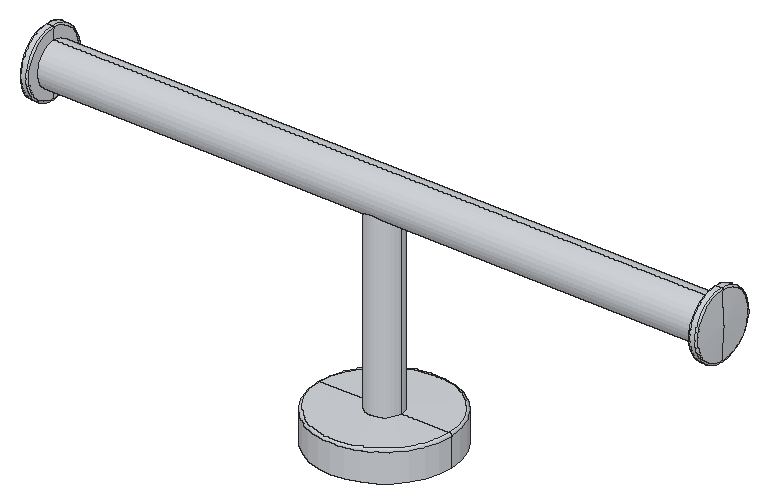
Revit family "Accessory-Tissue_Holder-KOHLER-Elate-K-27289", category Specialty Equipment, host Face, Revit 2015
Parameters (values of type "CP-Polished Chrome")
  Width = 3 13/16"  # constant formula
  WaterSense Certified = 1 = 0  # no
  URL = "https://www.us.kohler.com/us/"
  Type = 1
  Product Page URL = "http://www.us.kohler.com/us/catalog/productDetails.jsp?productNumber=27289"
  Product Name = "Elate"  # constant formula
  Product Documentation Link = "https://www.us.kohler.com/webassets/kpna/catalog/pdf/en/K-27289_spec.pdf"
  Model = if(Type = 1, "K-27289-CP", if(Type = 2, "K-27289-BN", "NA"))  # "K-27289-CP"
  Material = "Premium Metal Construction"  # constant formula
  MasterFormat 2004 = "10.28.13"  # constant formula
  MasterFormat 1995 = "10820"  # constant formula
  Manufacturer Address = "444 Highland Dr, Kohler, WI 53044"  # constant formula
  Manufacturer = "KOHLER Co."  # constant formula
  Length = 10 1/8"  # constant formula
  Height = 2"  # constant formula
  Finish = Kohler-Metal-CP-Polished_Chrome
  Environmental Product Declaration = ""
  Description = "Double toilet tissue holder\r"  # constant formula
  Default Elevation = 42"
  Declare Label = ""
  Date Modified = "02/18/2019"  # constant formula
  Date Created = "02/18/2019"  # constant formula
  Copyright = "Copyright KOHLER Co."  # constant formula
  Contact Us = "https://www.us.kohler.com/us/static/contact.jsp"
  Assembly Code = "C1030200"
  ADA Compliant = 1 = 0  # no
Types (3): name | Type | Model | Finish
  (no name) | 1 | "K-27289-CP" | Kohler-Metal-CP-Polished_Chrome
  CP-Polished Chrome | 1 | "K-27289-CP" | Kohler-Metal-CP-Polished_Chrome
  BN-Vibrant Brushed Nickel | 2 | "K-27289-BN" | Kohler-Metal-BN-Vibrant_Brushed_Nickel
Reference planes (in)
  plane 1 "Center (Front/Back)": y = 0
  plane 2: z = 0
  plane 3 "Center (Left/Right)": x = 0
  plane 4: y = 1
  plane 5: x = -1
  plane 6: x = 1
  plane 7: y = -1
  plane 8: x = -5.0625
  plane 9: x = 5.0625
  plane 10: y = 0.49213
  plane 11: y = -0.49213
  plane 12: z = 3.32037
  plane 13: z = 3.8125
Dimensions and locks (in)
  "Length": plane 8 to plane 9
  locked: plane 5 to plane 6 at 2
  "Width": plane 13 to plane 2
  "Height": plane 4 to plane 7
  aligned and locked: host face to plane 2
  aligned and locked: host face to level
Automatic sketch dimensions
  host sketch curve to host sketch curve = 96"  (x2)
Nested families (in)
  nested 1: "K-27289" at (0, 0, 0), type "K-27289"
Definition of nested family "K-27289"
  Parameters (values of type "K-27289")
    Material = none
  Reference planes (in)
    plane 1 "Center (Front/Back)": y = 0
    plane 2: z = 0
    plane 3 "Center (Left/Right)": x = 0
    plane 4: x = -1
    plane 5: x = 1
    plane 6: y = 1
    plane 7: y = -1
    plane 8: x = -5.0625
    plane 9: x = 5.0625
    plane 10: z = 3.8125
  Forms (in)
    Revolve 1, solid, material <- "Material", detail levels medium+fine
      sketch origin (0, 0, 0) x (1, 0, 0) y (0, 0, 1)
        loop
          line (0, 0) -> (1, 0) -> (1, 0.41661)
          arc (1, 0.41661) -> (0.98962, 0.44211) -> (0.96437, 0.45312) r 0.03653
          arc (0.96437, 0.45312) -> (0.61016, 0.46034) -> (0.25591, 0.46457) r 41.92607
          line (0.25591, 0.46457) -> (0.25591, 3.24048) -> (0, 3.24048) -> (0, 0)
        axis (0, 3.24048) -> (0, 0)
      angle from 0 to 360
    Revolve 2, solid, material <- "Material", detail levels medium+fine
      sketch origin (0, 0, 0) x (1, 0, 0) y (0, 0, 1)
        loop
          arc (5.0625, 3.32037) -> (5.05708, 3.55714) -> (5.04084, 3.79341) r 5.17706
          arc (5.04084, 3.79341) -> (5.03408, 3.80701) -> (5.01993, 3.8125) r 0.021
          line (5.01993, 3.8125) -> (4.94122, 3.8125)
          arc (4.94122, 3.8125) -> (4.92711, 3.80665) -> (4.92126, 3.79254) r 0.01996
          line (4.92126, 3.79254) -> (4.92126, 3.63533) -> (-4.92126, 3.63533) -> (-4.92126, 3.79254)
          arc (-4.92126, 3.79254) -> (-4.92711, 3.80665) -> (-4.94122, 3.8125) r 0.01996
          line (-4.94122, 3.8125) -> (-5.01993, 3.8125)
          arc (-5.01993, 3.8125) -> (-5.03408, 3.80701) -> (-5.04084, 3.79341) r 0.021
          arc (-5.04084, 3.79341) -> (-5.05708, 3.55714) -> (-5.0625, 3.32037) r 5.17706
          line (-5.0625, 3.32037) -> (5.0625, 3.32037)
        axis (-5.0625, 3.32037) -> (5.0625, 3.32037)
      angle from 0 to 360
    Revolve 3, solid, material <- "Material", detail levels coarse
      sketch origin (0, 0, 0) x (1, 0, 0) y (0, 0, 1)
        loop
          line (0, 0) -> (1, 0) -> (1, 0.66907) -> (0.3301, 0.66907) -> (0.3301, 3.32748) -> (0, 3.32748) -> (0, 0)
        axis (0, 3.32748) -> (0, 0)
      angle from 0 to 360
    Extrusion 4, solid, material <- "Material", detail levels coarse
      sketch origin (0, 0, 0) x (0, 1, 0) y (0, 0, 1)
        loop
          circle (0, 3.32748) r 0.48502
      from -5.0625 to 5.0625
  Cuts and joins
    joined: Revolve 1, Revolve 2
    joined: Revolve 3, Extrusion 4
  Lines and regions (in)
    Masking region 1
      outline origin (0, 0, 0) x (1, 0, 0) y (0, 0, 1)
        loop
          line (4.92126, 3.63533) -> (-4.92126, 3.63533) -> (-4.92126, 3.79254)
          arc (-4.92126, 3.79254) -> (-4.92711, 3.80665) -> (-4.94122, 3.8125) r 0.01996
          line (-4.94122, 3.8125) -> (-5.01993, 3.8125)
          arc (-5.01993, 3.8125) -> (-5.03408, 3.80701) -> (-5.04084, 3.79341) r 0.021
          arc (-5.04084, 3.79341) -> (-5.05708, 3.55714) -> (-5.0625, 3.32037) r 5.17706
          arc (-5.0625, 3.32037) -> (-5.05708, 3.0836) -> (-5.04084, 2.84732) r 5.17706
          arc (-5.04084, 2.84732) -> (-5.03408, 2.83372) -> (-5.01993, 2.82824) r 0.021
          line (-5.01993, 2.82824) -> (-4.94122, 2.82824)
          arc (-4.94122, 2.82824) -> (-4.92711, 2.83408) -> (-4.92126, 2.84819) r 0.01996
          line (-4.92126, 2.84819) -> (-4.92126, 3.00541) -> (-0.25591, 3.00541) -> (-0.25591, 0.46457)
          arc (-0.25591, 0.46457) -> (-0.61016, 0.46034) -> (-0.96437, 0.45312) r 41.92607
          arc (-0.96437, 0.45312) -> (-0.98962, 0.44211) -> (-1, 0.41661) r 0.03653
          line (-1, 0.41661) -> (-1, 0) -> (1, 0) -> (1, 0.41661)
          arc (1, 0.41661) -> (0.98962, 0.44211) -> (0.96437, 0.45312) r 0.03653
          arc (0.96437, 0.45312) -> (0.61016, 0.46034) -> (0.25591, 0.46457) r 41.92607
          line (0.25591, 0.46457) -> (0.25591, 3.00541) -> (4.92126, 3.00541) -> (4.92126, 2.84819)
          arc (4.92126, 2.84819) -> (4.92711, 2.83408) -> (4.94122, 2.82824) r 0.01996
          line (4.94122, 2.82824) -> (5.01993, 2.82824)
          arc (5.01993, 2.82824) -> (5.03408, 2.83372) -> (5.04084, 2.84732) r 0.021
          arc (5.04084, 2.84732) -> (5.05708, 3.0836) -> (5.0625, 3.32037) r 5.17706
          arc (5.0625, 3.32037) -> (5.05708, 3.55714) -> (5.04084, 3.79341) r 5.17706
          arc (5.04084, 3.79341) -> (5.03408, 3.80701) -> (5.01993, 3.8125) r 0.021
          line (5.01993, 3.8125) -> (4.94122, 3.8125)
          arc (4.94122, 3.8125) -> (4.92711, 3.80665) -> (4.92126, 3.79254) r 0.01996
          line (4.92126, 3.79254) -> (4.92126, 3.63533)
    Masking region 2
      outline origin (0, 0, 0) x (0, 1, 0) y (0, 0, 1)
        loop
          line (1, 0) -> (1, 0.41661)
          arc (1, 0.41661) -> (0.98962, 0.44211) -> (0.96437, 0.45312) r 0.03653
          arc (0.96437, 0.45312) -> (0.61016, 0.46034) -> (0.25591, 0.46457) r 41.92607
          line (0.25591, 0.46457) -> (0.25591, 2.89994)
          arc (0.25591, 2.89994) -> (0.47388, 3.45323) -> (0, 3.8125) r 0.49216
          arc (0, 3.8125) -> (-0.47388, 3.45323) -> (-0.25591, 2.89994) r 0.49216
          line (-0.25591, 2.89994) -> (-0.25591, 0.46457)
          arc (-0.25591, 0.46457) -> (-0.61016, 0.46034) -> (-0.96437, 0.45312) r 41.92607
          arc (-0.96437, 0.45312) -> (-0.98962, 0.44211) -> (-1, 0.41661) r 0.03653
          line (-1, 0.41661) -> (-1, 0) -> (1, 0)
    Masking region 3
      outline origin (0, 0, 0) x (1, 0, 0) y (0, 1, 0)
        loop
          line (-4.92126, 0.31496) -> (-4.92126, 0.47217)
          arc (-4.92126, 0.47217) -> (-4.92711, 0.48629) -> (-4.94122, 0.49213) r 0.01996
          line (-4.94122, 0.49213) -> (-5.01993, 0.49213)
          arc (-5.01993, 0.49213) -> (-5.03408, 0.48664) -> (-5.04084, 0.47305) r 0.021
          arc (-5.04084, 0.47305) -> (-5.05708, 0.23677) -> (-5.0625, 0) r 5.17706
          arc (-5.0625, 0) -> (-5.05708, -0.23677) -> (-5.04084, -0.47305) r 5.17706
          arc (-5.04084, -0.47305) -> (-5.03408, -0.48664) -> (-5.01993, -0.49213) r 0.021
          line (-5.01993, -0.49213) -> (-4.94122, -0.49213)
          arc (-4.94122, -0.49213) -> (-4.92711, -0.48629) -> (-4.92126, -0.47217) r 0.01996
          line (-4.92126, -0.47217) -> (-4.92126, -0.31496) -> (-0.9491, -0.31496)
          arc (-0.9491, -0.31496) -> (-0.58525, -0.81085) -> (0, -1) r 1
          arc (0, -1) -> (0.58525, -0.81085) -> (0.9491, -0.31496) r 1
          line (0.9491, -0.31496) -> (4.92126, -0.31496) -> (4.92126, -0.47217)
          arc (4.92126, -0.47217) -> (4.92711, -0.48629) -> (4.94122, -0.49213) r 0.01996
          line (4.94122, -0.49213) -> (5.01993, -0.49213)
          arc (5.01993, -0.49213) -> (5.03408, -0.48664) -> (5.04084, -0.47305) r 0.021
          arc (5.04084, -0.47305) -> (5.05708, -0.23677) -> (5.0625, 0) r 5.17706
          arc (5.0625, 0) -> (5.05708, 0.23677) -> (5.04084, 0.47305) r 5.17706
          arc (5.04084, 0.47305) -> (5.03408, 0.48664) -> (5.01993, 0.49213) r 0.021
          line (5.01993, 0.49213) -> (4.94122, 0.49213)
          arc (4.94122, 0.49213) -> (4.92711, 0.48629) -> (4.92126, 0.47217) r 0.01996
          line (4.92126, 0.47217) -> (4.92126, 0.31496) -> (0.9491, 0.31496)
          arc (0.9491, 0.31496) -> (0.58525, 0.81085) -> (0, 1) r 1
          arc (0, 1) -> (-0.58525, 0.81085) -> (-0.9491, 0.31496) r 1
          line (-0.9491, 0.31496) -> (-4.92126, 0.31496)
    symbolic lines, detail levels medium+fine
      curve 1: line (-0.25591, 0, 0.46457) -> (0.25591, 0, 0.46457)
      curve 2: arc (-0.10192, 0, 3.11249) -> (-0.05247, 0, 3.13118) -> (0, 0, 3.13754) r 0.21986
      curve 3: arc (0.10192, 0, 3.11249) -> (0.05247, 0, 3.13118) -> (0, 0, 3.13754) r 0.21986
      curve 4: arc (-0.25591, 0, 3.00541) -> (-0.18228, 0, 3.06379) -> (-0.10192, 0, 3.11249) r 0.74853
      curve 5: arc (0.25591, 0, 3.00541) -> (0.18228, 0, 3.06379) -> (0.10192, 0, 3.11249) r 0.74853
      curve 6: line (-4.92126, 0, 3.63533) -> (-4.92126, 0, 3.00541)
      curve 7: line (4.92126, 0, 3.63533) -> (4.92126, 0, 3.00541)
      curve 8: line (0, 0.25591, 0.46457) -> (0, -0.25591, 0.46457)
      curve 9: arc (0, 0.25591, 2.89994) -> (0, 0, 2.82746) -> (0, -0.25591, 2.89994) r 0.48798
      curve 10: line (-0.9491, 0.31496, 0) -> (0.9491, 0.31496, 0)
      curve 11: line (-0.9491, -0.31496, 0) -> (0.9491, -0.31496, 0)
      curve 12: line (-4.92126, 0.31496, 0) -> (-4.92126, -0.31496, 0)
      curve 13: line (4.92126, 0.31496, 0) -> (4.92126, -0.31496, 0)
  Dimensions and locks (in)
    locked: plane 4 to plane 5 at 2
    locked: plane 8 to plane 9 at 10.125
    locked: plane 10 to plane 2 at 3.8125
    aligned and locked: plane 2 to level
